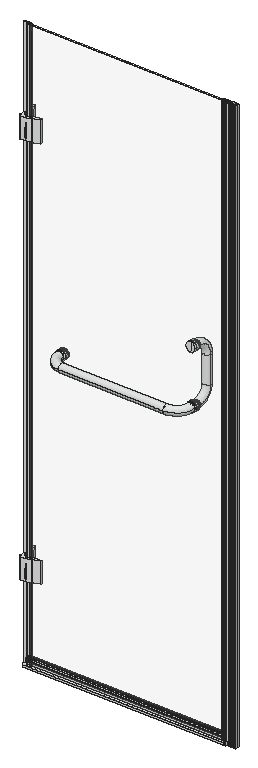
Revit family "Shower-Shower_Door-KOHLER-TRILGOY-K-72930T", category Specialty Equipment, host Face, Revit 2017
Family settings
  Host = Face
  Round Connector Dimension = Use Diameter
  Part Type = Normal
  OmniClass Number = 23.31.17.17
  OmniClass Title = Shower Enclosures
  Cut with Voids When Loaded = No
  Shared = No
  Room Calculation Point = No
Parameters (values of type "SHP-Polished Bright Silver")
  Width = 27 215/256"  # constant formula
  WaterSense Certified = 1 = 0  # no
  URL = "http://www.kohler.com.cn/"
  Type = 1
  Product Page URL = ""
  Product Name = "TRILGOY\r\n"  # constant formula
  Product Documentation Link = ""
  Model = if(Type = 1, "K-72930T-L-SHP", "NA")  # "K-72930T-L-SHP"
  Material = "Premium Metal Construction"  # constant formula
  Master Format 2014 Name = "Shower Doors"  # constant formula
  Master Format 2014 = "10 28 19.16"  # constant formula
  Manufacturer Address = "Kohler Beijing Office (100016) 36-2-03-B, No. 88, Liuxiang Road, Beijing"  # constant formula
  Manufacturer = "KOHLER Co."  # constant formula
  Length = 5 57/256"  # constant formula
  Height = 74 155/256"  # constant formula
  Finish = Kohler-Metal-SHP-Bright_Polished_Silver
  Environmental Product Declaration = ""
  Description = "TRILGOY HINGE,SINGLE, 10MM\t"  # constant formula
  Default Elevation = 0"
  Declare Label = ""
  Date Modified = "10/14/2020"  # constant formula
  Date Created = "10/14/2020"  # constant formula
  Copyright = "Copyright KOHLER Co."  # constant formula
  Contact Us = "http://www.kohler.com.cn/contact/contact-us/"
  Assembly Code = "C1030200"
  ADA Compliant = 1 = 0  # no
Reference planes (in)
  plane 1 "Center (Front/Back)": y = 0
  plane 2: z = 0
  plane 3 "Center (Left/Right)": x = 0
  plane 4: z = 37.8
  plane 5: z = 0
  plane 6: y = 5.22266
  plane 7: x = -13.92
  plane 8: z = 0
  plane 9: z = 74.60547
  plane 10: x = 13.91984
  plane 11: y = 2.69716
Dimensions and locks (in)
  plane 4 to plane 2 = 37.8"
  plane 7 to plane 3 "Center (Left/Right)" = 13.92"
  "Length": plane 6 to plane 1 "Center (Front/Back)"
  "Width": plane 7 to plane 10
  "Height": plane 9 to level
  aligned and locked: plane 2 to host face
  aligned and locked: level to host face
Automatic sketch dimensions
  host sketch curve to host sketch curve = 96"  (x2)
Nested families (in)
  nested 1: "K-72930T" at (0, 0, 0), type "K-72930T"
Definition of nested family "K-72930T"
  Parameters (values of type "K-72930T")
    Material = none
  Reference planes (in)
    plane 1 "Center (Front/Back)": y = 0
    plane 2: z = 0
    plane 3 "Center (Left/Right)": x = 0
    plane 4: z = 74.6063
    plane 5: x = -13.92
    plane 6: x = 13.92
    plane 7: y = 5.44086
    plane 8: z = 37.72
  Forms (in)
    Extrusion 1, solid, material <- "Material", detail levels medium+fine
      sketch origin (0, 28.22051, 0) x (0, 1, 0) y (0, 0, 1)
        loop
          line (-26.04431, 0) -> (-25.32778, 0) -> (-25.32778, 0.11006)
          arc (-25.32778, 0.11006) -> (-25.3395, 0.13836) -> (-25.36779, 0.15008) r 0.04001
          line (-25.36779, 0.15008) -> (-25.50722, 0.15008)
          arc (-25.50722, 0.15008) -> (-25.54321, 0.15566) -> (-25.57581, 0.17187) r 0.11884
          line (-25.57581, 0.17187) -> (-25.81905, 0.34378)
          arc (-25.81905, 0.34378) -> (-25.96716, 0.35398) -> (-26.04431, 0.22714) r 0.14283
          line (-26.04431, 0.22714) -> (-26.04431, 0)
      from -13.50661 to 12.80055
    Extrusion 2, solid, material <- "Material", detail levels medium+fine
      sketch origin (0, 28.22051, 0) x (1, 0, 0) y (0, 1, 0)
        loop
          line (12.26326, -25.68282) -> (12.19024, -25.70025)
          arc (12.19024, -25.70025) -> (12.14885, -25.69111) -> (12.10766, -25.68111) r 2.0295
          arc (12.10766, -25.68111) -> (12.08436, -25.69634) -> (12.09959, -25.71964) r 0.01969
          arc (12.09959, -25.71964) -> (12.29982, -25.75977) -> (12.50311, -25.77916) r 1.98992
          line (12.50311, -25.77916) -> (12.63118, -25.77916)
          arc (12.63118, -25.77916) -> (12.72908, -25.79405) -> (12.82798, -25.79904) r 0.98425
          arc (12.82798, -25.79904) -> (12.92613, -25.79413) -> (13.0233, -25.77946) r 0.98425
          line (13.0233, -25.77946) -> (13.11513, -25.68764)
          arc (13.11513, -25.68764) -> (13.12089, -25.67372) -> (13.11513, -25.6598) r 0.01969
          line (13.11513, -25.6598) -> (12.73669, -25.28136)
          arc (12.73669, -25.28136) -> (12.72146, -25.27118) -> (12.7035, -25.26761) r 0.04693
          line (12.7035, -25.26761) -> (12.50157, -25.26761)
          arc (12.50157, -25.26761) -> (12.29906, -25.28705) -> (12.09959, -25.32706) r 1.98992
          arc (12.09959, -25.32706) -> (12.08436, -25.35036) -> (12.10766, -25.3656) r 0.01969
          arc (12.10766, -25.3656) -> (12.14885, -25.35559) -> (12.19024, -25.34645) r 2.0295
          line (12.19024, -25.34645) -> (12.26326, -25.36388)
          arc (12.26326, -25.36388) -> (12.27511, -25.35659) -> (12.26783, -25.34474) r 0.00984
          line (12.26783, -25.34474) -> (12.2367, -25.33731)
          arc (12.2367, -25.33731) -> (12.31049, -25.32534) -> (12.38465, -25.31589) r 2.18914
          arc (12.38465, -25.31589) -> (12.40317, -25.33771) -> (12.4171, -25.31272) r 0.01741
          arc (12.4171, -25.31272) -> (12.48287, -25.30779) -> (12.54882, -25.30719) r 1.00154
          arc (12.54882, -25.30719) -> (12.56812, -25.3156) -> (12.57606, -25.33509) r 0.02791
          line (12.57606, -25.33509) -> (12.57606, -25.71161)
          arc (12.57606, -25.71161) -> (12.56812, -25.73111) -> (12.54882, -25.73951) r 0.02791
          arc (12.54882, -25.73951) -> (12.48287, -25.73892) -> (12.4171, -25.73398) r 1.00154
          arc (12.4171, -25.73398) -> (12.40317, -25.70899) -> (12.38465, -25.73081) r 0.01741
          arc (12.38465, -25.73081) -> (12.31049, -25.72137) -> (12.2367, -25.7094) r 2.18914
          line (12.2367, -25.7094) -> (12.26783, -25.70197)
          arc (12.26783, -25.70197) -> (12.27511, -25.69011) -> (12.26326, -25.68282) r 0.00984
        loop
          arc (12.63118, -25.75906) -> (12.81625, -25.779) -> (13.00176, -25.76357) r 0.97957
          line (13.00176, -25.76357) -> (12.73698, -25.4988)
          arc (12.73698, -25.4988) -> (12.72987, -25.48163) -> (12.73698, -25.46446) r 0.02428
          line (12.73698, -25.46446) -> (12.79996, -25.40148)
          arc (12.79996, -25.40148) -> (12.80597, -25.38698) -> (12.79996, -25.37247) r 0.02051
          line (12.79996, -25.37247) -> (12.71856, -25.29107) -> (12.63118, -25.2873) -> (12.63118, -25.75906)
        loop
          line (13.02047, -25.76002) -> (13.08845, -25.69204)
          arc (13.08845, -25.69204) -> (13.09489, -25.6765) -> (13.08845, -25.66096) r 0.02197
          line (13.08845, -25.66096) -> (12.8256, -25.39811) -> (12.75843, -25.46528)
          arc (12.75843, -25.46528) -> (12.75166, -25.48163) -> (12.75843, -25.49798) r 0.02312
          line (12.75843, -25.49798) -> (13.02047, -25.76002)
        loop
          arc (13.7553, -25.68282) -> (13.74344, -25.69011) -> (13.75073, -25.70197) r 0.00984
          line (13.75073, -25.70197) -> (13.78185, -25.7094)
          arc (13.78185, -25.7094) -> (13.70806, -25.72137) -> (13.6339, -25.73081) r 2.18914
          arc (13.6339, -25.73081) -> (13.61539, -25.70899) -> (13.60145, -25.73398) r 0.01741
          arc (13.60145, -25.73398) -> (13.53568, -25.73892) -> (13.46973, -25.73951) r 1.00154
          arc (13.46973, -25.73951) -> (13.45043, -25.73111) -> (13.44249, -25.71161) r 0.02791
          line (13.44249, -25.71161) -> (13.44249, -25.33509)
          arc (13.44249, -25.33509) -> (13.45043, -25.3156) -> (13.46973, -25.30719) r 0.02791
          arc (13.46973, -25.30719) -> (13.53568, -25.30779) -> (13.60145, -25.31272) r 1.00154
          arc (13.60145, -25.31272) -> (13.61539, -25.33771) -> (13.6339, -25.31589) r 0.01741
          arc (13.6339, -25.31589) -> (13.70806, -25.32534) -> (13.78185, -25.33731) r 2.18914
          line (13.78185, -25.33731) -> (13.75073, -25.34474)
          arc (13.75073, -25.34474) -> (13.74344, -25.35659) -> (13.7553, -25.36388) r 0.00984
          line (13.7553, -25.36388) -> (13.82832, -25.34645)
          arc (13.82832, -25.34645) -> (13.86971, -25.35559) -> (13.91089, -25.3656) r 2.0295
          arc (13.91089, -25.3656) -> (13.9342, -25.35036) -> (13.91896, -25.32706) r 0.01969
          arc (13.91896, -25.32706) -> (13.71949, -25.28705) -> (13.51698, -25.26761) r 1.98992
          line (13.51698, -25.26761) -> (13.38737, -25.26761)
          arc (13.38737, -25.26761) -> (13.19118, -25.24777) -> (12.99497, -25.26731) r 0.98757
          line (12.99497, -25.26731) -> (12.90352, -25.35876)
          arc (12.90352, -25.35876) -> (12.8976, -25.37306) -> (12.90352, -25.38735) r 0.02022
          line (12.90352, -25.38735) -> (13.29533, -25.77916) -> (13.51544, -25.77916)
          arc (13.51544, -25.77916) -> (13.71873, -25.75977) -> (13.91896, -25.71964) r 1.98992
          arc (13.91896, -25.71964) -> (13.9342, -25.69634) -> (13.91089, -25.68111) r 0.01969
          arc (13.91089, -25.68111) -> (13.86971, -25.69111) -> (13.82832, -25.70025) r 2.0295
          line (13.82832, -25.70025) -> (13.7553, -25.68282)
        loop
          arc (13.38737, -25.28701) -> (13.2021, -25.27006) -> (13.01651, -25.2832) r 1.15042
          line (13.01651, -25.2832) -> (13.28177, -25.54846)
          arc (13.28177, -25.54846) -> (13.28868, -25.56514) -> (13.28177, -25.58183) r 0.0236
          line (13.28177, -25.58183) -> (13.21826, -25.64534)
          arc (13.21826, -25.64534) -> (13.21227, -25.6598) -> (13.21826, -25.67425) r 0.02045
          line (13.21826, -25.67425) -> (13.29971, -25.75571)
          arc (13.29971, -25.75571) -> (13.34349, -25.75867) -> (13.38737, -25.75906) r 0.74798
          line (13.38737, -25.75906) -> (13.38737, -25.28701)
        loop
          line (13.19267, -25.64866) -> (13.27618, -25.56514) -> (12.99779, -25.28676) -> (12.91428, -25.37027) -> (13.19267, -25.64866)
        loop
          line (-13.03807, -25.36817) -> (-12.83822, -25.37864)
          arc (-12.83822, -25.37864) -> (-12.81753, -25.36002) -> (-12.83616, -25.33933) r 0.01969
          line (-12.83616, -25.33933) -> (-13.25071, -25.3176) -> (-13.72315, -25.3176)
          arc (-13.72315, -25.3176) -> (-13.82352, -25.32754) -> (-13.92, -25.35697) r 0.51181
          line (-13.92, -25.35697) -> (-13.25071, -25.35697) -> (-13.25071, -25.66693)
          arc (-13.25071, -25.66693) -> (-13.2323, -25.70977) -> (-13.18855, -25.72591) r 0.05906
          line (-13.18855, -25.72591) -> (-12.83705, -25.70749)
          arc (-12.83705, -25.70749) -> (-12.81842, -25.6868) -> (-12.83911, -25.66817) r 0.01969
          line (-12.83911, -25.66817) -> (-13.0445, -25.67894) -> (-13.19027, -25.68658)
          arc (-13.19027, -25.68658) -> (-13.2051, -25.68111) -> (-13.21134, -25.66658) r 0.02002
          line (-13.21134, -25.66658) -> (-13.21134, -25.38013)
          arc (-13.21134, -25.38013) -> (-13.20512, -25.36565) -> (-13.19032, -25.36019) r 0.01997
          line (-13.19032, -25.36019) -> (-13.03807, -25.36817)
      from 0 to 74.6063
    Extrusion 3, solid, material <- "Material", detail levels medium+fine
      sketch origin (0, 28.22051, 0) x (1, 0, 0) y (0, 1, 0)
        loop
          arc (-12.61981, -25.68087) -> (-12.64685, -25.69207) -> (-12.65805, -25.71911) r 0.03824
          line (-12.65805, -25.71911) -> (-12.65805, -25.86551)
          arc (-12.65805, -25.86551) -> (-12.88426, -26.13648) -> (-13.19127, -25.9623) r 0.2754
          arc (-13.19127, -25.9623) -> (-13.28311, -25.84108) -> (-13.42628, -25.78979) r 0.26661
          arc (-13.42628, -25.78979) -> (-13.4414, -25.78279) -> (-13.44756, -25.76731) r 0.02251
          line (-13.44756, -25.76731) -> (-13.44756, -25.66748)
          arc (-13.44756, -25.66748) -> (-13.45805, -25.64215) -> (-13.48339, -25.63165) r 0.03583
          line (-13.48339, -25.63165) -> (-13.53641, -25.63165)
          arc (-13.53641, -25.63165) -> (-13.56267, -25.62078) -> (-13.57354, -25.59452) r 0.03713
          line (-13.57354, -25.59452) -> (-13.57354, -24.05685)
          arc (-13.57354, -24.05685) -> (-13.63011, -23.91053) -> (-13.77039, -23.84031) r 0.21752
          line (-13.77039, -23.84031) -> (-13.77039, -25.21827) -> (-13.73102, -25.21827) -> (-13.73102, -26.08744)
          arc (-13.73102, -26.08744) -> (-13.66186, -26.26006) -> (-13.49264, -26.33717) r 0.25
          arc (-13.49264, -26.33717) -> (-12.36986, -26.21375) -> (-11.33912, -25.75173) r 3.63604
          arc (-11.33912, -25.75173) -> (-11.32321, -25.70845) -> (-11.36017, -25.68087) r 0.03856
          line (-11.36017, -25.68087) -> (-12.61981, -25.68087)
      from 10.25591 to 12.9317
    Extrusion 4, solid, material <- "Material", detail levels medium+fine
      sketch origin (0, 28.22051, 51.22185) x (1, 0, 0) y (0, 1, 0)
        loop
          arc (-12.61981, -25.68087) -> (-12.64685, -25.69207) -> (-12.65805, -25.71911) r 0.03824
          line (-12.65805, -25.71911) -> (-12.65805, -25.86551)
          arc (-12.65805, -25.86551) -> (-12.88426, -26.13648) -> (-13.19127, -25.9623) r 0.2754
          arc (-13.19127, -25.9623) -> (-13.28311, -25.84108) -> (-13.42628, -25.78979) r 0.26661
          arc (-13.42628, -25.78979) -> (-13.4414, -25.78279) -> (-13.44756, -25.76731) r 0.02251
          line (-13.44756, -25.76731) -> (-13.44756, -25.66748)
          arc (-13.44756, -25.66748) -> (-13.45805, -25.64215) -> (-13.48339, -25.63165) r 0.03583
          line (-13.48339, -25.63165) -> (-13.53641, -25.63165)
          arc (-13.53641, -25.63165) -> (-13.56267, -25.62078) -> (-13.57354, -25.59452) r 0.03713
          line (-13.57354, -25.59452) -> (-13.57354, -24.05685)
          arc (-13.57354, -24.05685) -> (-13.63011, -23.91053) -> (-13.77039, -23.84031) r 0.21752
          line (-13.77039, -23.84031) -> (-13.77039, -25.21827) -> (-13.73102, -25.21827) -> (-13.73102, -26.08744)
          arc (-13.73102, -26.08744) -> (-13.66186, -26.26006) -> (-13.49264, -26.33717) r 0.25
          arc (-13.49264, -26.33717) -> (-12.36986, -26.21375) -> (-11.33912, -25.75173) r 3.63604
          arc (-11.33912, -25.75173) -> (-11.32321, -25.70845) -> (-11.36017, -25.68087) r 0.03856
          line (-11.36017, -25.68087) -> (-12.61981, -25.68087)
      from 10.17579 to 12.9317
    Extrusion 5, solid, material <- "Material", detail levels medium+fine
      sketch origin (0, 28.22051, 0) x (0, 1, 0) y (0, 0, 1)
        loop
          arc (-25.71252, 0.70866) -> (-25.73163, 0.71658) -> (-25.73954, 0.73568) r 0.02702
          line (-25.73954, 0.73568) -> (-25.73954, 0.78582)
          arc (-25.73954, 0.78582) -> (-25.7381, 0.82887) -> (-25.73376, 0.87172) r 0.64152
          arc (-25.73376, 0.87172) -> (-25.70949, 0.88888) -> (-25.72958, 0.91079) r 0.0198
          arc (-25.72958, 0.91079) -> (-25.72053, 0.97956) -> (-25.70938, 1.04802) r 2.2617
          line (-25.70938, 1.04802) -> (-25.70186, 1.01652)
          arc (-25.70186, 1.01652) -> (-25.69, 1.00923) -> (-25.68271, 1.02109) r 0.00984
          line (-25.68271, 1.02109) -> (-25.70023, 1.09449)
          arc (-25.70023, 1.09449) -> (-25.691, 1.13543) -> (-25.68136, 1.17629) r 4.27782
          arc (-25.68136, 1.17629) -> (-25.69628, 1.20018) -> (-25.71989, 1.18481) r 0.01973
          arc (-25.71989, 1.18481) -> (-25.73997, 1.08416) -> (-25.75972, 0.98344) r 30.6089
          arc (-25.75972, 0.98344) -> (-25.77427, 0.883) -> (-25.77914, 0.78162) r 1.0581
          line (-25.77914, 0.78162) -> (-25.77914, 0.71922)
          arc (-25.77914, 0.71922) -> (-25.76221, 0.67835) -> (-25.72134, 0.66142) r 0.0578
          line (-25.72134, 0.66142) -> (-25.54701, 0.66142) -> (-25.52039, 0.07069) -> (-25.49976, 0.66142) -> (-25.32542, 0.66142)
          arc (-25.32542, 0.66142) -> (-25.28454, 0.67835) -> (-25.26761, 0.71922) r 0.0578
          line (-25.26761, 0.71922) -> (-25.26761, 0.78162)
          arc (-25.26761, 0.78162) -> (-25.27248, 0.883) -> (-25.28704, 0.98344) r 1.0581
          arc (-25.28704, 0.98344) -> (-25.30678, 1.08416) -> (-25.32687, 1.18481) r 30.6089
          arc (-25.32687, 1.18481) -> (-25.35047, 1.20018) -> (-25.3654, 1.17629) r 0.01973
          arc (-25.3654, 1.17629) -> (-25.35576, 1.13543) -> (-25.34652, 1.09449) r 4.27782
          line (-25.34652, 1.09449) -> (-25.36404, 1.02109)
          arc (-25.36404, 1.02109) -> (-25.35675, 1.00923) -> (-25.34489, 1.01652) r 0.00984
          line (-25.34489, 1.01652) -> (-25.33737, 1.04802)
          arc (-25.33737, 1.04802) -> (-25.32622, 0.97956) -> (-25.31718, 0.91079) r 2.2617
          arc (-25.31718, 0.91079) -> (-25.33726, 0.88888) -> (-25.31299, 0.87172) r 0.0198
          arc (-25.31299, 0.87172) -> (-25.30866, 0.82887) -> (-25.30721, 0.78582) r 0.64152
          line (-25.30721, 0.78582) -> (-25.30721, 0.73568)
          arc (-25.30721, 0.73568) -> (-25.31513, 0.71658) -> (-25.33424, 0.70866) r 0.02702
          line (-25.33424, 0.70866) -> (-25.71252, 0.70866)
      from -13.25071 to 12.57606
    Sweep 6, solid, material <- "Material"
      path origin (0, 0, 0) x (1, 0, 0) y (0, 1, 0)
        loop
          line (-8.82157, 3.09083) -> (-8.82157, 2.24227)
          arc (-8.82157, 2.24227) -> (-8.30901, 1.00484) -> (-7.07157, 0.49227) r 1.75
          line (-7.07157, 0.49227) -> (6.44981, 0.49227)
          arc (6.44981, 0.49227) -> (7.68725, 1.00484) -> (8.19981, 2.24227) r 1.75
          line (8.19981, 2.24227) -> (8.19981, 3.09083)
      profile origin (-0.31088, 0.49227, 0) x (0, 1, 0) y (0, 0, 1)
        loop
          circle (0.00643, 37.67724) r 0.5
    Sweep 7, solid, material <- "Material"
      path origin (0, 0, 0) x (0, 1, 0) y (0, 0, 1)
        loop
          line (3.09083, 37.67724) -> (3.1879, 37.67724)
          arc (3.1879, 37.67724) -> (4.42533, 38.1898) -> (4.9379, 39.42724) r 1.75
          line (4.9379, 39.42724) -> (4.9379, 42.90965)
          arc (4.9379, 42.90965) -> (4.42533, 44.14709) -> (3.1879, 44.65965) r 1.75
          line (3.1879, 44.65965) -> (2.9532, 44.65965)
      profile origin (0, 3.13936, 37.67724) x (0, 0, -1) y (1, 0, 0)
        loop
          circle (0, 8.19337) r 0.5
    Revolve 8, solid, material <- "Material", detail levels medium+fine
      sketch origin (28.87026, 0, 37.65991) x (0, 1, 0) y (-1, 0, 0)
        loop
          line (3.11051, 37.6854) -> (3.11051, 38.21287)
          arc (3.11051, 38.21287) -> (3.10579, 38.22996) -> (3.09296, 38.24219) r 0.03327
          arc (3.09296, 38.24219) -> (3.02623, 38.2708) -> (2.95555, 38.28742) r 0.41746
          arc (2.95555, 38.28742) -> (2.93974, 38.28427) -> (2.92945, 38.27187) r 0.02413
          line (2.92945, 38.27187) -> (2.89398, 38.27187) -> (2.89398, 37.85433) -> (2.53965, 37.85433) -> (2.53965, 38.27187) -> (2.50418, 38.27187)
          arc (2.50418, 38.27187) -> (2.49388, 38.28427) -> (2.47807, 38.28742) r 0.02413
          arc (2.47807, 38.28742) -> (2.40739, 38.2708) -> (2.34066, 38.24219) r 0.41746
          arc (2.34066, 38.24219) -> (2.32783, 38.22996) -> (2.32311, 38.21287) r 0.03327
          line (2.32311, 38.21287) -> (2.32311, 37.6854) -> (3.11051, 37.6854)
        axis (3.11051, 37.6854) -> (2.32311, 37.6854)
      angle from 0 to 360
    Revolve 9, solid, material <- "Material", detail levels medium+fine
      sketch origin (45.86408, 0, 37.65991) x (0, 1, 0) y (-1, 0, 0)
        loop
          line (3.11051, 37.6854) -> (3.11051, 38.21287)
          arc (3.11051, 38.21287) -> (3.10579, 38.22996) -> (3.09296, 38.24219) r 0.03327
          arc (3.09296, 38.24219) -> (3.02623, 38.2708) -> (2.95555, 38.28742) r 0.41746
          arc (2.95555, 38.28742) -> (2.93974, 38.28427) -> (2.92945, 38.27187) r 0.02413
          line (2.92945, 38.27187) -> (2.89398, 38.27187) -> (2.89398, 37.85433) -> (2.53965, 37.85433) -> (2.53965, 38.27187) -> (2.50418, 38.27187)
          arc (2.50418, 38.27187) -> (2.49388, 38.28427) -> (2.47807, 38.28742) r 0.02413
          arc (2.47807, 38.28742) -> (2.40739, 38.2708) -> (2.34066, 38.24219) r 0.41746
          arc (2.34066, 38.24219) -> (2.32783, 38.22996) -> (2.32311, 38.21287) r 0.03327
          line (2.32311, 38.21287) -> (2.32311, 37.6854) -> (3.11051, 37.6854)
        axis (3.11051, 37.6854) -> (2.32311, 37.6854)
      angle from 0 to 360
    Revolve 10, solid, material <- "Material", detail levels medium+fine
      sketch origin (8.17246, 0, 0) x (0, 1, 0) y (0, 0, 1)
        loop
          line (2.3428, 44.65965) -> (3.11051, 44.65965) -> (3.11051, 45.20092)
          arc (3.11051, 45.20092) -> (3.03572, 45.23574) -> (2.95568, 45.25576) r 0.43369
          arc (2.95568, 45.25576) -> (2.93184, 45.24352) -> (2.9359, 45.21704) r 0.02292
          line (2.9359, 45.21704) -> (2.50087, 45.21704) -> (2.50087, 45.25021) -> (2.3428, 45.25021) -> (2.3428, 44.65965)
        axis (3.11051, 44.65965) -> (2.3428, 44.65965)
      angle from 0 to 360
    Extrusion 11, solid
      sketch origin (0, 0, 0) x (1, 0, 0) y (0, 1, 0)
        loop
          line (-13.21134, 2.85454) -> (-13.21134, 2.53916) -> (12.57606, 2.53916) -> (12.57606, 2.85454) -> (-13.21134, 2.85454)
      from 0 to 74.6063
    Extrusion 12, solid, material <- "Material", detail levels coarse
      sketch origin (0, 0, 0) x (1, 0, 0) y (0, 0, 1)
        loop
          line (-13.92, 0) -> (13.92, 0) -> (13.92, 74.6063) -> (12.09959, 74.6063) -> (12.09959, 1.09449) -> (-12.16168, 1.09449) -> (-12.16168, 74.6063) -> (-13.92, 74.6063) -> (-13.92, 0)
      from -3.00636 to -2.44135
  Cuts and joins
    joined: Revolve 8, Revolve 9, Revolve 10
    joined: Sweep 6, Sweep 7
  Lines and regions (in)
    Masking region 1
      outline origin (0, 0, 0) x (1, 0, 0) y (0, 1, 0)
        loop
          line (12.80055, 2.1762) -> (12.80055, 2.42186)
          arc (12.80055, 2.42186) -> (12.91247, 2.42511) -> (13.0233, 2.44105) r 0.98425
          line (13.0233, 2.44105) -> (13.11513, 2.53288)
          arc (13.11513, 2.53288) -> (13.12089, 2.5468) -> (13.11513, 2.56072) r 0.01969
          line (13.11513, 2.56072) -> (12.73669, 2.93916)
          arc (12.73669, 2.93916) -> (12.72146, 2.94933) -> (12.7035, 2.9529) r 0.04693
          line (12.7035, 2.9529) -> (8.78134, 2.9529)
          arc (8.78134, 2.9529) -> (8.76539, 3.02577) -> (8.73492, 3.09385) r 0.36392
          arc (8.73492, 3.09385) -> (8.71681, 3.10873) -> (8.69338, 3.10801) r 0.03333
          line (8.69338, 3.10801) -> (8.69338, 4.94086)
          arc (8.69338, 4.94086) -> (8.19337, 5.44086) -> (7.69337, 4.94086) r 0.5
          line (7.69337, 4.94086) -> (7.69337, 3.11051) -> (7.6514, 3.11051)
          arc (7.6514, 3.11051) -> (7.63473, 3.10605) -> (7.62253, 3.09385) r 0.03333
          arc (7.62253, 3.09385) -> (7.59206, 3.02577) -> (7.57611, 2.9529) r 0.36392
          line (7.57611, 2.9529) -> (-8.21051, 2.9529)
          arc (-8.21051, 2.9529) -> (-8.22778, 3.0249) -> (-8.25608, 3.09331) r 0.47241
          arc (-8.25608, 3.09331) -> (-8.26758, 3.10576) -> (-8.28389, 3.11036) r 0.0312
          line (-8.28389, 3.11036) -> (-9.34412, 3.11036)
          arc (-9.34412, 3.11036) -> (-9.36043, 3.10576) -> (-9.37193, 3.09331) r 0.0312
          arc (-9.37193, 3.09331) -> (-9.40023, 3.0249) -> (-9.4175, 2.9529) r 0.47241
          line (-9.4175, 2.9529) -> (-13.57354, 2.9529) -> (-13.57354, 4.16366)
          arc (-13.57354, 4.16366) -> (-13.63011, 4.30998) -> (-13.77039, 4.3802) r 0.21752
          line (-13.77039, 4.3802) -> (-13.77039, 2.90073)
          arc (-13.77039, 2.90073) -> (-13.8466, 2.8878) -> (-13.92, 2.86354) r 0.51181
          line (-13.92, 2.86354) -> (-13.77039, 2.86354) -> (-13.77039, 2.44135) -> (-13.73102, 2.44135) -> (-13.73102, 2.13308)
          arc (-13.73102, 2.13308) -> (-13.66186, 1.96046) -> (-13.49264, 1.88335) r 0.25
          arc (-13.49264, 1.88335) -> (-12.67211, 1.93828) -> (-11.88491, 2.1762) r 3.63604
          line (-11.88491, 2.1762) -> (-9.31843, 2.1762)
          arc (-9.31843, 2.1762) -> (-8.63433, 0.63313) -> (-7.06965, 0) r 2.25
          line (-7.06965, 0) -> (6.44338, 0)
          arc (6.44338, 0) -> (8.00806, 0.63313) -> (8.69216, 2.1762) r 2.25
          line (8.69216, 2.1762) -> (12.80055, 2.1762)
        loop
          arc (6.44337, 0.99874) -> (7.30123, 1.33957) -> (7.69127, 2.1762) r 1.25
          line (7.69127, 2.1762) -> (-8.31754, 2.1762)
          arc (-8.31754, 2.1762) -> (-7.9275, 1.33957) -> (-7.06964, 0.99874) r 1.25
          line (-7.06964, 0.99874) -> (6.44337, 0.99874)
        loop
          line (13.02047, 2.4605) -> (13.08845, 2.52848)
          arc (13.08845, 2.52848) -> (13.09489, 2.54401) -> (13.08845, 2.55955) r 0.02197
          line (13.08845, 2.55955) -> (12.8256, 2.8224) -> (12.80055, 2.79735) -> (12.80055, 2.68042) -> (13.02047, 2.4605)
        loop
          line (12.80055, 2.65815) -> (12.80055, 2.44183)
          arc (12.80055, 2.44183) -> (12.90154, 2.44419) -> (13.00176, 2.45694) r 0.97957
          line (13.00176, 2.45694) -> (12.80055, 2.65815)
        loop
          line (12.90352, 2.83316) -> (13.29533, 2.44135) -> (13.51544, 2.44135)
          arc (13.51544, 2.44135) -> (13.71873, 2.46075) -> (13.91896, 2.50087) r 1.98992
          arc (13.91896, 2.50087) -> (13.9342, 2.52417) -> (13.91089, 2.53941) r 0.01969
          arc (13.91089, 2.53941) -> (13.86971, 2.5294) -> (13.82832, 2.52026) r 2.0295
          line (13.82832, 2.52026) -> (13.7553, 2.53769)
          arc (13.7553, 2.53769) -> (13.74344, 2.5304) -> (13.75073, 2.51854) r 0.00984
          line (13.75073, 2.51854) -> (13.78185, 2.51111)
          arc (13.78185, 2.51111) -> (13.70806, 2.49915) -> (13.6339, 2.4897) r 2.18914
          arc (13.6339, 2.4897) -> (13.61539, 2.51152) -> (13.60145, 2.48653) r 0.01741
          arc (13.60145, 2.48653) -> (13.53568, 2.4816) -> (13.46973, 2.481) r 1.00154
          arc (13.46973, 2.481) -> (13.45043, 2.4894) -> (13.44249, 2.5089) r 0.02791
          line (13.44249, 2.5089) -> (13.44249, 2.88542)
          arc (13.44249, 2.88542) -> (13.45043, 2.90492) -> (13.46973, 2.91332) r 0.02791
          arc (13.46973, 2.91332) -> (13.53568, 2.91273) -> (13.60145, 2.90779) r 1.00154
          arc (13.60145, 2.90779) -> (13.61539, 2.8828) -> (13.6339, 2.90462) r 0.01741
          arc (13.6339, 2.90462) -> (13.70806, 2.89518) -> (13.78185, 2.88321) r 2.18914
          line (13.78185, 2.88321) -> (13.75073, 2.87578)
          arc (13.75073, 2.87578) -> (13.74344, 2.86392) -> (13.7553, 2.85663) r 0.00984
          line (13.7553, 2.85663) -> (13.82832, 2.87406)
          arc (13.82832, 2.87406) -> (13.86971, 2.86492) -> (13.91089, 2.85492) r 2.0295
          arc (13.91089, 2.85492) -> (13.9342, 2.87015) -> (13.91896, 2.89345) r 0.01969
          arc (13.91896, 2.89345) -> (13.71949, 2.93346) -> (13.51698, 2.9529) r 1.98992
          line (13.51698, 2.9529) -> (13.38737, 2.9529)
          arc (13.38737, 2.9529) -> (13.19118, 2.97274) -> (12.99497, 2.9532) r 0.98757
          line (12.99497, 2.9532) -> (12.90352, 2.86176)
          arc (12.90352, 2.86176) -> (12.8976, 2.84746) -> (12.90352, 2.83316) r 0.02022
        loop
          arc (13.38737, 2.9335) -> (13.2021, 2.95045) -> (13.01651, 2.93731) r 1.15042
          line (13.01651, 2.93731) -> (13.28177, 2.67205)
          arc (13.28177, 2.67205) -> (13.28868, 2.65537) -> (13.28177, 2.63868) r 0.0236
          line (13.28177, 2.63868) -> (13.21826, 2.57517)
          arc (13.21826, 2.57517) -> (13.21227, 2.56072) -> (13.21826, 2.54626) r 0.02045
          line (13.21826, 2.54626) -> (13.29971, 2.46481)
          arc (13.29971, 2.46481) -> (13.34349, 2.46184) -> (13.38737, 2.46145) r 0.74798
          line (13.38737, 2.46145) -> (13.38737, 2.9335)
        loop
          line (13.27618, 2.65537) -> (12.99779, 2.93376) -> (12.91428, 2.85024) -> (13.19267, 2.57185) -> (13.27618, 2.65537)
    Masking region 2
      outline origin (0, 0, 0) x (1, 0, 0) y (0, 0, 1)
        loop
          line (-13.92, 0) -> (13.92, 0) -> (13.92, 74.6063) -> (-13.92, 74.6063) -> (-13.92, 0)
    Masking region 3
      outline origin (0, 0, 0) x (0, 1, 0) y (0, 0, 1)
        loop
          line (3.11315, 37.1314) -> (3.11315, 37.17724) -> (3.19086, 37.17724)
          arc (3.19086, 37.17724) -> (4.78185, 37.83625) -> (5.44086, 39.42724) r 2.25
          line (5.44086, 39.42724) -> (5.44086, 42.90965)
          arc (5.44086, 42.90965) -> (4.78185, 44.50064) -> (3.19086, 45.15965) r 2.25
          line (3.19086, 45.15965) -> (3.11051, 45.15965) -> (3.11051, 45.20092)
          arc (3.11051, 45.20092) -> (3.04466, 45.23434) -> (2.97274, 45.25106) r 0.30698
          line (2.97274, 45.25106) -> (2.97274, 61.39764) -> (4.3802, 61.39764) -> (4.3802, 64.15354) -> (2.97274, 64.15354) -> (2.97274, 74.6063) -> (2.42148, 74.6063) -> (2.42148, 64.15354) -> (1.87942, 64.15354) -> (1.87942, 61.39764) -> (2.42148, 61.39764) -> (2.42148, 45.25021) -> (2.3428, 45.25021) -> (2.3428, 44.0691) -> (2.42148, 44.0691) -> (2.42148, 38.2482)
          arc (2.42148, 38.2482) -> (2.38068, 38.23623) -> (2.34302, 38.2165) r 0.21577
          arc (2.34302, 38.2165) -> (2.32807, 38.19952) -> (2.32386, 38.17728) r 0.04279
          line (2.32386, 38.17728) -> (0.49929, 38.17728)
          arc (0.49929, 38.17728) -> (-0.00097, 37.67703) -> (0.49929, 37.17678) r 0.50025
          line (0.49929, 37.17678) -> (2.33042, 37.17678)
          arc (2.33042, 37.17678) -> (2.32468, 37.14482) -> (2.34302, 37.11803) r 0.04279
          arc (2.34302, 37.11803) -> (2.38068, 37.0983) -> (2.42148, 37.08633) r 0.21577
          line (2.42148, 37.08633) -> (2.42148, 12.9317) -> (1.88335, 12.9317) -> (1.88335, 10.25591) -> (2.42148, 10.25591) -> (2.42148, 0.32666)
          arc (2.42148, 0.32666) -> (2.26533, 0.35949) -> (2.1762, 0.22714) r 0.14283
          line (2.1762, 0.22714) -> (2.1762, 0) -> (2.97274, 0) -> (2.97274, 10.25591) -> (4.3802, 10.25591) -> (4.3802, 12.9317) -> (2.97274, 12.9317) -> (2.97274, 37.06189)
          arc (2.97274, 37.06189) -> (3.03606, 37.0779) -> (3.09534, 37.10531) r 0.35283
          arc (3.09534, 37.10531) -> (3.10634, 37.11635) -> (3.11036, 37.1314) r 0.03016
        loop
          arc (3.09534, 38.21792) -> (3.10927, 38.19988) -> (3.10659, 38.17724) r 0.03016
          line (3.10659, 38.17724) -> (3.19105, 38.17724)
          arc (3.19105, 38.17724) -> (4.07493, 38.54336) -> (4.44105, 39.42724) r 1.25
          line (4.44105, 39.42724) -> (4.44105, 42.90965)
          arc (4.44105, 42.90965) -> (4.07493, 43.79354) -> (3.19105, 44.15965) r 1.25
          line (3.19105, 44.15965) -> (3.11051, 44.15965) -> (3.11051, 44.11839)
          arc (3.11051, 44.11839) -> (3.04382, 44.08623) -> (2.97274, 44.0655) r 0.44733
          line (2.97274, 44.0655) -> (2.97274, 38.26134)
          arc (2.97274, 38.26134) -> (3.03606, 38.24533) -> (3.09534, 38.21792) r 0.35283
    symbolic lines, detail levels medium+fine
      curve 1: arc (-12.65805, 2.355, 0) -> (-12.88426, 2.08403, 0) -> (-13.19127, 2.25821, 0) r 0.2754
      curve 2: arc (-13.19127, 2.25821, 0) -> (-13.28311, 2.37944, 0) -> (-13.42628, 2.43073, 0) r 0.26661
      curve 3: line (-12.65805, 2.50141, 0) -> (-12.65805, 2.355, 0)
      curve 4: arc (-12.61981, 2.53965, 0) -> (-12.64685, 2.52845, 0) -> (-12.65805, 2.50141, 0) r 0.03824
      curve 5: line (-13.21134, 2.53916, 0) -> (12.57606, 2.53916, 0)
      curve 6: line (-13.21134, 2.85454, 0) -> (-13.21134, 2.53916, 0)
      curve 7: line (-13.18855, 2.4946, 0) -> (-12.83705, 2.51302, 0)
      curve 8: arc (-12.83705, 2.51302, 0) -> (-12.82174, 2.5217, 0) -> (-12.81949, 2.53916, 0) r 0.01969
      curve 9: line (-13.44756, 2.4532, 0) -> (-13.44756, 2.55303, 0)
      curve 10: arc (-13.44756, 2.55303, 0) -> (-13.45805, 2.57837, 0) -> (-13.48339, 2.58886, 0) r 0.03583
      curve 11: line (-13.48339, 2.58886, 0) -> (-13.53641, 2.58886, 0)
      curve 12: arc (-13.53641, 2.58886, 0) -> (-13.56267, 2.59973, 0) -> (-13.57354, 2.62599, 0) r 0.03713
      curve 13: line (-13.57354, 2.62599, 0) -> (-13.57354, 2.86354, 0)
      curve 14: line (-13.92, 2.86354, 0) -> (-13.25071, 2.86354, 0)
      curve 15: line (-13.25071, 2.90291, 0) -> (-13.72315, 2.90291, 0)
      curve 16: arc (-13.72315, 2.90291, 0) -> (-13.82352, 2.89297, 0) -> (-13.92, 2.86354, 0) r 0.51181
      curve 17: line (-12.83616, 2.88118, 0) -> (-13.25071, 2.90291, 0)
      curve 18: arc (-12.81879, 2.85454, 0) -> (-12.8207, 2.87228, 0) -> (-12.83616, 2.88118, 0) r 0.01969
      curve 19: line (12.57606, 2.85454, 0) -> (-13.21134, 2.85454, 0)
      curve 20: line (-13.25071, 2.86354, 0) -> (-13.25071, 2.55358, 0)
      curve 21: arc (-13.25071, 2.55358, 0) -> (-13.2323, 2.51074, 0) -> (-13.18855, 2.4946, 0) r 0.05906
      curve 22: arc (-13.42628, 2.43073, 0) -> (-13.4414, 2.43773, 0) -> (-13.44756, 2.4532, 0) r 0.02251
      curve 23: line (-13.14291, 2.1762, 0) -> (-12.72398, 2.1762, 0)
      curve 24: arc (-11.88491, 2.1762, 0) -> (-11.60578, 2.31085, 0) -> (-11.33912, 2.46878, 0) r 3.63604
      curve 25: arc (-11.33912, 2.46878, 0) -> (-11.3242, 2.51498, 0) -> (-11.36629, 2.53916, 0) r 0.03856
      curve 26: arc (12.63118, 2.46166, 0) -> (12.72906, 2.44645, 0) -> (12.82798, 2.44136, 0) r 0.96437
      curve 27: line (12.63118, 2.46166, 0) -> (12.63118, 2.93321, 0)
      curve 28: line (12.63118, 2.93321, 0) -> (12.71856, 2.92945, 0)
      curve 29: line (12.71856, 2.92945, 0) -> (12.79996, 2.84804, 0)
      curve 30: arc (12.79996, 2.84804, 0) -> (12.80597, 2.83354, 0) -> (12.79996, 2.81903, 0) r 0.02051
      curve 31: line (12.79996, 2.81903, 0) -> (12.73698, 2.75605, 0)
      curve 32: arc (12.73698, 2.75605, 0) -> (12.72987, 2.73889, 0) -> (12.73698, 2.72172, 0) r 0.02428
      curve 33: line (12.73698, 2.72172, 0) -> (12.80055, 2.65815, 0)
      curve 34: arc (12.50157, 2.9529, 0) -> (12.29906, 2.93346, 0) -> (12.09959, 2.89345, 0) r 1.98992
      curve 35: arc (12.09959, 2.50087, 0) -> (12.29982, 2.46075, 0) -> (12.50311, 2.44135, 0) r 1.98992
      curve 36: arc (12.38465, 2.4897, 0) -> (12.31049, 2.49915, 0) -> (12.2367, 2.51111, 0) r 2.18914
      curve 37: arc (12.4171, 2.48653, 0) -> (12.40317, 2.51152, 0) -> (12.38465, 2.4897, 0) r 0.01741
      curve 38: arc (12.54882, 2.481, 0) -> (12.48287, 2.4816, 0) -> (12.4171, 2.48653, 0) r 1.00154
      curve 39: line (12.50311, 2.44135, 0) -> (12.63118, 2.44135, 0)
      curve 40: arc (12.63118, 2.44135, 0) -> (12.72908, 2.42646, 0) -> (12.82798, 2.42148, 0) r 0.98425
      curve 41: arc (12.57606, 2.5089, 0) -> (12.56812, 2.4894, 0) -> (12.54882, 2.481, 0) r 0.02791
      curve 42: line (12.26326, 2.53769, 0) -> (12.19024, 2.52026, 0)
      curve 43: line (12.2367, 2.51111, 0) -> (12.26783, 2.51854, 0)
      curve 44: arc (12.26783, 2.51854, 0) -> (12.27511, 2.5304, 0) -> (12.26326, 2.53769, 0) r 0.00984
      curve 45: arc (12.19024, 2.52026, 0) -> (12.14885, 2.5294, 0) -> (12.10766, 2.53941, 0) r 2.0295
      curve 46: arc (12.10766, 2.53941, 0) -> (12.08436, 2.52417, 0) -> (12.09959, 2.50087, 0) r 0.01969
      curve 47: line (12.57606, 2.5089, 0) -> (12.57606, 2.88542, 0)
      curve 48: arc (12.54882, 2.91332, 0) -> (12.56812, 2.90492, 0) -> (12.57606, 2.88542, 0) r 0.02791
      curve 49: arc (12.4171, 2.90779, 0) -> (12.48287, 2.91273, 0) -> (12.54882, 2.91332, 0) r 1.00154
      curve 50: arc (12.38465, 2.90462, 0) -> (12.40317, 2.8828, 0) -> (12.4171, 2.90779, 0) r 0.01741
      curve 51: arc (12.2367, 2.88321, 0) -> (12.31049, 2.89518, 0) -> (12.38465, 2.90462, 0) r 2.18914
      curve 52: arc (12.10766, 2.85492, 0) -> (12.14885, 2.86492, 0) -> (12.19024, 2.87406, 0) r 2.0295
      curve 53: line (12.26783, 2.87578, 0) -> (12.2367, 2.88321, 0)
      curve 54: line (12.19024, 2.87406, 0) -> (12.26326, 2.85663, 0)
      curve 55: arc (12.26326, 2.85663, 0) -> (12.27511, 2.86392, 0) -> (12.26783, 2.87578, 0) r 0.00984
      curve 56: arc (12.09959, 2.89345, 0) -> (12.08436, 2.87015, 0) -> (12.10766, 2.85492, 0) r 0.01969
      curve 57: line (7.57611, 2.9529, 0) -> (8.78134, 2.9529, 0)
      curve 58: line (7.69337, 3.11051, 0) -> (8.70605, 3.11051, 0)
      curve 59: line (7.69142, 2.32327, 0) -> (7.69142, 2.17721, 0)
      curve 60: line (8.69338, 2.32345, 0) -> (8.69338, 2.17761, 0)
      curve 61: arc (7.61049, 2.3621, 0) -> (7.58881, 2.41865, 0) -> (7.57656, 2.47796, 0) r 0.37316
      curve 62: line (7.67218, 2.32327, 0) -> (8.68837, 2.32327, 0)
      curve 63: arc (7.67218, 2.32327, 0) -> (7.63573, 2.33378, 0) -> (7.61049, 2.3621, 0) r 0.06843
      curve 64: arc (7.57656, 2.47796, 0) -> (7.581, 2.51175, 0) -> (7.60124, 2.53916, 0) r 0.06811
      curve 65: arc (8.75007, 2.3621, 0) -> (8.77175, 2.41865, 0) -> (8.78399, 2.47796, 0) r 0.37316
      curve 66: arc (8.68837, 2.32327, 0) -> (8.72482, 2.33378, 0) -> (8.75007, 2.3621, 0) r 0.06843
      curve 67: arc (8.78399, 2.47796, 0) -> (8.77956, 2.51175, 0) -> (8.75932, 2.53916, 0) r 0.06811
      curve 68: line (-9.31514, 2.92945, 0) -> (-9.31514, 2.85454, 0)
      curve 69: arc (-9.40161, 2.92945, 0) -> (-9.41349, 2.94034, 0) -> (-9.41699, 2.95608, 0) r 0.02685
      curve 70: arc (-8.22639, 2.92945, 0) -> (-8.21452, 2.94034, 0) -> (-8.21102, 2.95608, 0) r 0.02685
      curve 71: line (-9.40161, 2.92945, 0) -> (-8.31287, 2.92945, 0)
      curve 72: line (-8.31287, 2.92945, 0) -> (-8.31287, 2.85454, 0)
      curve 73: line (-8.22639, 2.92945, 0) -> (-8.31287, 2.92945, 0)
      curve 74: arc (-9.36861, 2.33646, 0) -> (-9.40024, 2.40354, 0) -> (-9.41466, 2.47628, 0) r 0.30338
      curve 75: line (-9.34523, 2.32357, 0) -> (-8.30039, 2.32357, 0)
      curve 76: arc (-9.34523, 2.32357, 0) -> (-9.35858, 2.32701, 0) -> (-9.36861, 2.33646, 0) r 0.02765
      curve 77: line (-9.31905, 2.32357, 0) -> (-9.31905, 2.17618, 0)
      curve 78: arc (-9.41466, 2.47628, 0) -> (-9.41178, 2.49193, 0) -> (-9.40161, 2.50418, 0) r 0.03151
      curve 79: line (-9.40161, 2.50418, 0) -> (-9.40161, 2.53916, 0)
      curve 80: arc (-8.24902, 2.35421, 0) -> (-8.22471, 2.41335, 0) -> (-8.21335, 2.47628, 0) r 0.30338
      curve 81: arc (-8.21335, 2.47628, 0) -> (-8.21623, 2.49193, 0) -> (-8.22639, 2.50418, 0) r 0.03151
      curve 82: line (-8.22639, 2.50418, 0) -> (-8.22639, 2.53916, 0)
      curve 83: arc (-8.30039, 2.32357, 0) -> (-8.27048, 2.33181, 0) -> (-8.24902, 2.35421, 0) r 0.0584
      curve 84: line (-8.22639, 2.50418, 0) -> (-9.40161, 2.50418, 0)
      curve 85: line (-8.31681, 2.32357, 0) -> (-8.31681, 2.17618, 0)
      curve 86: line (-13.57354, 2.90291, 0) -> (-13.57354, 2.9529, 0)
      curve 87: line (-13.50661, 0, 1.20065) -> (-13.50661, 0, 0)
      curve 88: line (-13.50661, 0, 1.20065) -> (12.09959, 0, 1.20065)
      curve 89: line (-13.50661, 0, 0.66142) -> (12.09959, 0, 0.66142)
      curve 90: line (-13.50661, 0, 0.37112) -> (12.80055, 0, 0.37112)
      curve 91: line (-13.25071, 0, 0.37112) -> (-13.25071, 0, 0.66142)
      curve 92: line (-12.82053, 0, 0.37112) -> (-12.82053, 0, 0.66142)
      curve 93: line (-13.25071, 0, 1.20065) -> (-13.25071, 0, 10.25591)
      curve 94: line (-12.82053, 0, 1.20065) -> (-12.82053, 0, 10.25591)
      curve 95: line (12.80055, 0, 0.37112) -> (12.80055, 0, 0)
      curve 96: line (12.09959, 0, 0.37112) -> (12.09959, 0, 74.6063)
      curve 97: line (12.50311, 0, 0.37112) -> (12.50311, 0, 74.6063)
      curve 98: line (12.63118, 0, 0.37112) -> (12.63118, 0, 74.6063)
      curve 99: line (13.0233, 0, 0) -> (13.0233, 0, 74.6063)
      curve 100: line (13.29533, 0, 0) -> (13.29533, 0, 74.6063)
      curve 101: line (13.51544, 0, 0) -> (13.51544, 0, 74.6063)
      curve 102: line (-11.32161, 0, 10.25591) -> (-13.77039, 0, 10.25591)
      curve 103: line (-11.32161, 0, 12.9317) -> (-11.32161, 0, 10.25591)
      curve 104: line (-13.77039, 0, 12.9317) -> (-11.32161, 0, 12.9317)
      curve 105: line (-13.77039, 0, 10.25591) -> (-13.77039, 0, 12.9317)
      curve 106: line (-11.32161, 0, 61.47775) -> (-13.77039, 0, 61.47775)
      curve 107: line (-11.32161, 0, 64.15354) -> (-11.32161, 0, 61.47775)
      curve 108: line (-13.77039, 0, 64.15354) -> (-11.32161, 0, 64.15354)
      curve 109: line (-13.77039, 0, 61.47775) -> (-13.77039, 0, 64.15354)
      curve 110: line (-12.82053, 0, 64.15354) -> (-12.82053, 0, 74.6063)
      curve 111: line (-13.25071, 0, 64.15354) -> (-13.25071, 0, 74.6063)
      curve 112: line (-12.82053, 0, 12.9317) -> (-12.82053, 0, 61.47775)
      curve 113: line (-13.25071, 0, 12.9317) -> (-13.25071, 0, 61.47775)
      curve 114: arc (8.17246, 0, 45.25021) -> (7.58191, 0, 44.65965) -> (8.17246, 0, 44.0691) r 0.59055
      curve 115: arc (8.17246, 0, 44.0691) -> (8.76302, 0, 44.65965) -> (8.17246, 0, 45.25021) r 0.59055
      curve 116: arc (8.17868, 0, 37.07344) -> (8.59338, 0, 37.24521) -> (8.76515, 0, 37.65991) r 0.58647
      curve 117: arc (8.76515, 0, 37.65991) -> (8.59338, 0, 38.07461) -> (8.17868, 0, 38.24639) r 0.58647
      curve 118: arc (-9.40161, 0, 37.65991) -> (-9.22984, 0, 37.24521) -> (-8.81514, 0, 37.07344) r 0.58647
      curve 119: arc (-8.81514, 0, 38.24639) -> (-9.22984, 0, 38.07461) -> (-9.40161, 0, 37.65991) r 0.58647
      curve 120: line (-8.81514, 0, 38.24639) -> (8.17868, 0, 38.24639)
      curve 121: line (-8.81514, 0, 37.07344) -> (8.17868, 0, 37.07344)
      curve 122: line (0, 2.97274, 64.15354) -> (0, 2.355, 64.15354)
      curve 123: line (0, 2.97274, 61.39764) -> (0, 2.43073, 61.39764)
      curve 124: line (0, 3.00225, 12.9317) -> (0, 2.42148, 12.9317)
      curve 125: line (0, 2.97274, 10.25591) -> (0, 2.43073, 10.25591)
      curve 126: line (0, 2.6447, 0.17187) -> (0, 2.40146, 0.34378)
      curve 127: line (0, 2.85272, 0.15008) -> (0, 2.71329, 0.15008)
      curve 128: arc (0, 2.71329, 0.15008) -> (0, 2.67731, 0.15566) -> (0, 2.6447, 0.17187) r 0.11884
      curve 129: arc (0, 2.89273, 0.11006) -> (0, 2.88101, 0.13836) -> (0, 2.85272, 0.15008) r 0.04001
      curve 130: line (0, 2.89273, 0) -> (0, 2.89273, 0.11006)
      curve 131: line (0, 2.508, 0.70866) -> (0, 2.88628, 0.70866)
      curve 132: arc (0, 2.88628, 0.70866) -> (0, 2.90539, 0.71658) -> (0, 2.9133, 0.73568) r 0.02702
      curve 133: line (0, 2.9133, 0.73568) -> (0, 2.9133, 0.78582)
      curve 134: arc (0, 2.9133, 0.78582) -> (0, 2.9107, 0.84355) -> (0, 2.90291, 0.90081) r 0.64152
      curve 135: arc (0, 2.90291, 1.1386) -> (0, 2.91829, 1.06104) -> (0, 2.93348, 0.98344) r 30.6089
      curve 136: arc (0, 2.93348, 0.98344) -> (0, 2.94803, 0.883) -> (0, 2.9529, 0.78162) r 1.0581
      curve 137: line (0, 2.9529, 0.78162) -> (0, 2.9529, 0.71922)
      curve 138: arc (0, 2.9529, 0.71922) -> (0, 2.93597, 0.67835) -> (0, 2.8951, 0.66142) r 0.0578
      curve 139: line (0, 2.8951, 0.66142) -> (0, 2.72075, 0.66142)
      curve 140: line (0, 2.72075, 0.66142) -> (0, 2.70291, 0.15053)
      curve 141: line (0, 2.69649, 0.15127) -> (0, 2.67351, 0.66142)
      curve 142: line (0, 2.67351, 0.66142) -> (0, 2.49918, 0.66142)
      curve 143: line (0, 2.9532, 0) -> (0, 2.9532, 0.71922)
      curve 144: line (0, 2.90291, 0.71439) -> (0, 2.90291, 10.25591)
      curve 145: line (0, 2.4897, 0.71579) -> (0, 2.4897, 10.25591)
      curve 146: arc (0, 2.508, 0.70866) -> (0, 2.48889, 0.71658) -> (0, 2.48097, 0.73568) r 0.02702
      curve 147: line (0, 2.48097, 0.73568) -> (0, 2.48097, 0.78582)
      curve 148: arc (0, 2.48097, 0.78582) -> (0, 2.48316, 0.83874) -> (0, 2.4897, 0.8913) r 0.64152
      curve 149: arc (0, 2.4897, 1.13029) -> (0, 2.47516, 1.05688) -> (0, 2.4608, 0.98344) r 30.6089
      curve 150: arc (0, 2.4608, 0.98344) -> (0, 2.44624, 0.883) -> (0, 2.44137, 0.78162) r 1.0581
      curve 151: line (0, 2.44137, 0.78162) -> (0, 2.44137, 0.71922)
      curve 152: arc (0, 2.44137, 0.71922) -> (0, 2.4583, 0.67835) -> (0, 2.49918, 0.66142) r 0.0578
      curve 153: line (0, 2.90291, 12.9317) -> (0, 2.90291, 61.39764)
      curve 154: line (0, 2.4897, 12.9317) -> (0, 2.4897, 61.39764)
      curve 155: line (0, 2.4897, 64.15354) -> (0, 2.4897, 74.6063)
      curve 156: line (0, 2.90291, 64.15354) -> (0, 2.90291, 74.6063)
      curve 157: line (0, 2.32386, 38.17728) -> (0, 2.32386, 37.17728)
      curve 158: line (0, 2.97274, 38.26134) -> (0, 2.97274, 37.06189)
      curve 159: line (0, 3.10659, 38.17724) -> (0, 3.11315, 37.17724)
      curve 160: line (0, 2.97274, 45.25106) -> (0, 2.97274, 44.0655)
      curve 161: line (0, 3.11051, 45.15965) -> (0, 3.11051, 44.15965)
      curve 162: line (0, 2.42148, 45.25021) -> (0, 2.42148, 44.0691)
  Dimensions and locks (in)
    plane 4 to level = 74.6063"
    plane 3 "Center (Left/Right)" to plane 5 = 13.92"
    plane 8 to level = 37.72"
    aligned and locked: plane 2 to level
